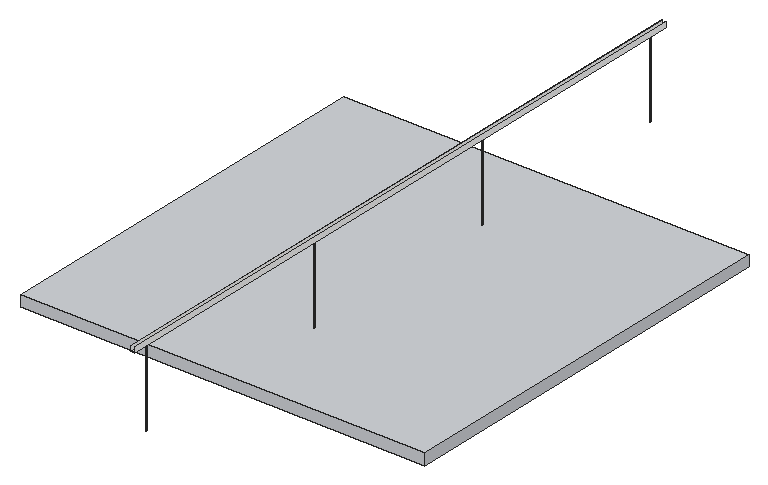
Revit family "Zumtobel Track U SUP2", category Lighting Fixtures, host Face, Revit 2016
Family settings
  Host = Face
  Part Type = Normal
  Round Connector Dimension = Use Diameter
  OmniClass Number = 23.80.70.11
  OmniClass Title = Luminaries for Internal Lighting
  Cut with Voids When Loaded = No
  Light Source = No
  Shared = No
  Room Calculation Point = No
Parameters (values of type "SUP2 TRACK U 3M")
  URL = "http://www.zumtobel.com/22169723"
  Type Comments = "© Zumtobel. We reserve the right to make technical changes without prior notice."  # constant formula
  Track Distance [instance] = if(Surface Mount, 0.00 mm, Suspension Height - 30.00 mm)  # 470.00 mm
  Suspension Visible [instance] = not(Surface Mount)  # yes
  Suspension Height Value [instance] = if(Surface Mount, 200.00 mm, Suspension Height)  # 500.00 mm
  Suspension Height [instance] = 500.00 mm
  Suspension Distance [instance] = (Length - 200.00 mm) / Number of Suspensions  # 950.00 mm
  Surface Mount [instance] = no
  Number of Suspensions [instance] = 4
  Model = "22169723"
  Manufacturer = "Zumtobel Lighting"  # constant formula
  Length = 4000.00 mm
  Lamp = ""
  Emit Shape Visible in Rendering = no
  Description = "Track SUP2"  # constant formula
  Suspension [instance] = Zumtobel_Metal_Aluminium
  Apparent Load = 0 VA
  Default Elevation = 0.00 mm
  Assembly Code = "D5020200"
  Track [instance] = Zumtobel_Metal_White
Types (3, lengths in mm): name | URL | Track Distance | Suspension Height Value | Suspension Height | Suspension Distance | Model | Length
  SUP2 TRACK U 4M | "http://www.zumtobel.com/22169723" | 470.00 | 500.00 | 500.00 | 950.00 | "22169723" | 4000.00
  SUP2 TRACK U 2M | "http://www.zumtobel.com/22169729" | 370.00 | 400.00 | 400.00 | 450.00 | "22169729" | 2000.00
  SUP2 TRACK U 3M | "http://www.zumtobel.com/22169723" | 470.00 | 500.00 | 500.00 | 950.00 | "22169723" | 4000.00
Reference planes
  plane 1 "Center (Front/Back)": y = -250
  plane 2 "Top": z = 0
  plane 3: z = 500
  plane 4 "Right": y = -2250
  plane 5 "Left": y = 1750
  plane 6: y = -2150
  plane 7: y = 1650
  plane 8 "Center (Left/Right)": x = -239.2
  plane 9: y = -2247.5
  plane 10: y = 1747.5
  plane 11: z = 470
  plane 12: z = 500
Forms (mm)
  Extrusion 1, solid
    sketch origin (0, 0, 0) x (1, 0, 0) y (0, 1, 0)
      loop
        line (-1519.2, 939.2) -> (-1519.2, -1499.2) -> (919.2, -1499.2) -> (919.2, 939.2) -> (-1519.2, 939.2)
    from 0 to -66.193
  Extrusion 2, solid, material "Zumtobel_Metal_White" <- "Track"
    sketch origin (0, -2250, 0) x (0, 0, 1) y (-1, 0, 0)
      loop
        line (500, 226.2) -> (500, 228.7) -> (472.5, 228.7) -> (472.5, 249.7) -> (500, 249.7) -> (500, 252.2) -> (470, 252.2) -> (470, 226.2) -> (500, 226.2)
    from -4000 to 0
Dimensions and locks
  "Suspension Height": plane 3 to plane 2 "Top"
  locked: plane 5 "Left" to plane 7 at 100
  locked: plane 6 to plane 4 "Right" at 100
  "Length": plane 5 "Left" to plane 4 "Right"
  equal spacing: plane 5 "Left", plane 1 "Center (Front/Back)", plane 4 "Right"
  equal spacing: group 1, group 3, group 4, group 2  (x2)
  equal spacing: group 2, group 4, group 3, group 1
  locked: plane 9 to plane 4 "Right" at 2.5
  locked: plane 5 "Left" to plane 10 at 2.5
  "Track Distance": plane 11 to plane 2 "Top"
  plane 3 to plane 11 = 30.00 mm
  locked: plane 12 to plane 11 at 30
  aligned and locked: plane 2 "Top" to Extrusion 1
  aligned and locked: level to Extrusion 1
  aligned and locked: plane 7 to nested 1
  aligned and locked: nested 2 to plane 6
  aligned and locked: Extrusion 2 to plane 5 "Left"
  aligned and locked: plane 4 "Right" to Extrusion 2
  aligned and locked: Extrusion 2 sketch curve to plane 11
  aligned and locked: plane 12 to Extrusion 2 sketch curve
Automatic sketch dimensions
  Extrusion 1 sketch curve to Extrusion 1 sketch curve = 2438.40 mm  (x2)
  Extrusion 2 sketch curve to Extrusion 2 sketch curve = 26.00 mm
  plane 11 to Extrusion 2 sketch curve = 2.50 mm
  Extrusion 2 sketch curve to Extrusion 2 sketch curve = 2.50 mm  (x2)
  plane 8 "Center (Left/Right)" to Extrusion 2 sketch curve = 10.50 mm
  Extrusion 2 sketch curve to plane 12 = 0.00 mm
Nested families
  nested 1: "Zumtobel Suspension" at (-239.2, 1650, 0) x (1, 0, 0) z (0, 0, -1), Suspension <- "Suspension", visible <- "Suspension Visible", type "Zumtobel Suspension"
    with Suspension Zumtobel_Metal_Aluminium, Suspension Height 500.00 mm
  nested 2: "Zumtobel Suspension" at (-239.2, -2150, 0) x (1, 0, 0) z (0, 0, -1), Suspension <- "Suspension", visible <- "Suspension Visible", type "Zumtobel Suspension"
    with Suspension Zumtobel_Metal_Aluminium, Suspension Height 500.00 mm
  nested 3: "Zumtobel Suspension" at (-239.2, 383.333, 0) x (1, 0, 0) z (0, 0, -1), Suspension <- "Suspension", visible <- "Suspension Visible", type "Zumtobel Suspension"
    with Suspension Zumtobel_Metal_Aluminium, Suspension Height 500.00 mm
  nested 4: "Zumtobel Suspension" at (-239.2, -883.333, 0) x (1, 0, 0) z (0, 0, -1), Suspension <- "Suspension", visible <- "Suspension Visible", type "Zumtobel Suspension"
    with Suspension Zumtobel_Metal_Aluminium, Suspension Height 500.00 mm
Definition of nested family "Zumtobel Suspension"
  Parameters (values of type "Zumtobel Suspension")
    Suspension Height = 400.00 mm
    Suspension [instance] = none
    Emit Shape Visible in Rendering = no
    Default Elevation = 0.00 mm
    Assembly Code = ""
  Reference planes
    plane 1 "Light Source Axis (F/B)": y = 0
    plane 2: z = 0
    plane 3 "Center (Front/Back)": x = 0
    plane 4 "Bottom": z = -400
    plane 5 "Top Fitting": z = -370
  Forms (mm)
    Extrusion 1, solid, material <- "Suspension"
      sketch origin (0, 0, 0) x (1, 0, 0) y (0, 1, 0)
        loop
          circle (0, 0) r 2.6
      from 0 to -13
    Extrusion 2, solid, material <- "Suspension"
      sketch origin (0, 0, -320) x (1, 0, 0) y (0, 1, 0)
        loop
          circle (0, 0) r 1
      from 320 to -50
    Extrusion 3, solid, material <- "Suspension"
      sketch origin (0, 0, -370) x (-1, 0, 0) y (0, -1, 0)
        loop
          circle (0, 0) r 2
      from 0 to 15
  Cuts and joins
    joined: Extrusion 1, Extrusion 2, Extrusion 3
  Dimensions and locks
    locked: plane 5 "Top Fitting" to plane 4 "Bottom" at 30
    "Suspension Height": plane 2 to plane 4 "Bottom"
    aligned and locked: Extrusion 2 to plane 5 "Top Fitting"
    aligned and locked: plane 2 to Extrusion 2
  Automatic sketch dimensions
    plane 1 "Light Source Axis (F/B)" to Extrusion 1 sketch curve = 0.00 mm
    Extrusion 1 sketch curve to plane 3 "Center (Front/Back)" = 0.00 mm
    plane 1 "Light Source Axis (F/B)" to Extrusion 2 sketch curve = 0.00 mm
    Extrusion 2 sketch curve to plane 3 "Center (Front/Back)" = 0.00 mm
    plane 1 "Light Source Axis (F/B)" to Extrusion 3 sketch curve = 0.00 mm
    Extrusion 3 sketch curve to plane 3 "Center (Front/Back)" = 0.00 mm
    radius of Extrusion 1 sketch curve = 2.60 mm
    radius of Extrusion 2 sketch curve = 1.00 mm
    radius of Extrusion 3 sketch curve = 2.00 mm
